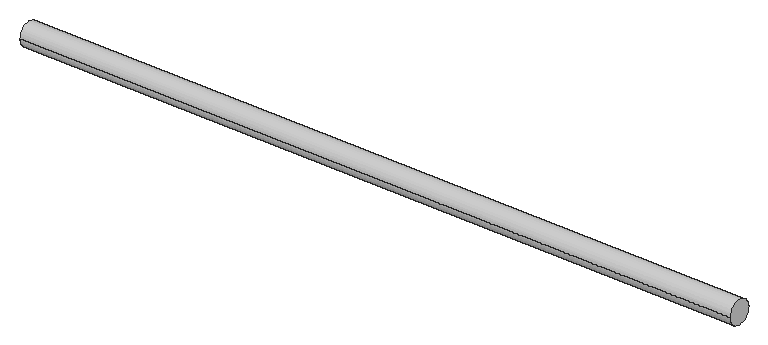
Revit family "M_Barras redondas", category Quadro estrutural, Revit 2019 (continued)
Types in the file's own list only (191): name | Momento de inércia de torção | Módulo de torção | Chave do nome do corte | Área de corte | Eixo fraco do módulo plástico | Eixo forte do módulo plástico | Perímetro | Peso nominal | Eixo fraco do momento de inércia | Eixo forte do momento de inércia | Eixo fraco do módulo de elasticidade | Eixo forte do módulo de elasticidade | Diâmetro | Centróide vertical | Centróide horizontal
  RB238.13 | 0.00 mm4 | 0.0 mm³ | "RB 9 3/8" | 44534.8 mm² | 2250421.0 mm³ | 2250421.0 mm³ | 0.75 m²/m | 0.00 kgf/m | 157830114.00 mm4 | 157830114.00 mm4 | 1325607.0 mm³ | 1325607.0 mm³ | 238.1 mm | 119.1 mm | 119.1 mm
  RB236.54 | 0.00 mm4 | 0.0 mm³ | "RB 9 5/16" | 43943.0 mm² | 2205712.0 mm³ | 2205712.0 mm³ | 0.74 m²/m | 0.00 kgf/m | 153663212.00 mm4 | 153663212.00 mm4 | 1299271.0 mm³ | 1299271.0 mm³ | 236.5 mm | 118.3 mm | 118.3 mm
  RB244.48 | 0.00 mm4 | 0.0 mm³ | "RB 9 5/8" | 46941.7 mm² | 2435298.0 mm³ | 2435298.0 mm³ | 0.77 m²/m | 0.00 kgf/m | 175350786.00 mm4 | 175350786.00 mm4 | 1434509.0 mm³ | 1434509.0 mm³ | 244.5 mm | 122.2 mm | 122.2 mm
  RB239.71 | 0.00 mm4 | 0.0 mm³ | "RB 9 7/16" | 45130.6 mm² | 2295730.0 mm³ | 2295730.0 mm³ | 0.75 m²/m | 0.00 kgf/m | 162081193.00 mm4 | 162081193.00 mm4 | 1352297.0 mm³ | 1352297.0 mm³ | 239.7 mm | 119.9 mm | 119.9 mm
  RB250.83 | 0.00 mm4 | 0.0 mm³ | "RB 9 7/8" | 49411.9 mm² | 2630033.0 mm³ | 2630033.0 mm³ | 0.79 m²/m | 0.00 kgf/m | 194291223.00 mm4 | 194291223.00 mm4 | 1549217.0 mm³ | 1549217.0 mm³ | 250.8 mm | 125.4 mm | 125.4 mm
  RB242.89 | 0.00 mm4 | 0.0 mm³ | "RB 9 9/16" | 46334.0 mm² | 2388165.0 mm³ | 2388165.0 mm³ | 0.76 m²/m | 0.00 kgf/m | 170840391.00 mm4 | 170840391.00 mm4 | 1406745.0 mm³ | 1406745.0 mm³ | 242.9 mm | 121.4 mm | 121.4 mm
  RB14.29 | 0.00 mm4 | 0.0 mm³ | "RB 9/16" | 160.3 mm² | 486.0 mm³ | 486.0 mm³ | 0.04 m²/m | 0.00 kgf/m | 2045.00 mm4 | 2045.00 mm4 | 286.0 mm³ | 286.0 mm³ | 14.3 mm | 7.1 mm | 7.1 mm
